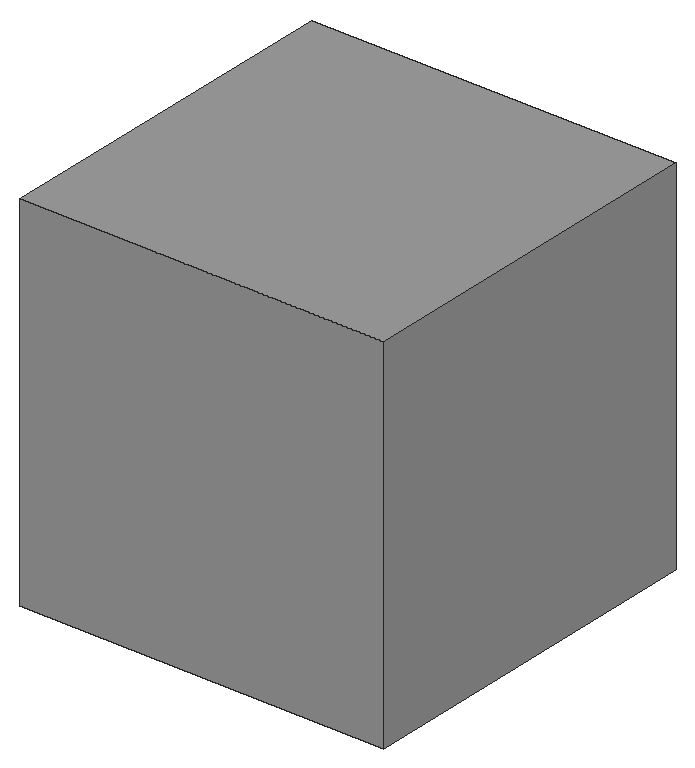
Revit family "Pull Box", category Electrical Fixtures, Revit 2022
Family settings
  Round Connector Dimension = Use Diameter
  Part Type = Normal
  OmniClass Number = 23.80.00.00
  OmniClass Title = Electric Power and Lighting
  Work Plane-Based = No
  Always vertical = Yes
  Cut with Voids When Loaded = No
  Maintain Annotation Orientation = No
  Shared = No
  Room Calculation Point = No
Parameters
  Width [instance] = 200 mm * ScaleFactor  # 200 mm
  SubSquare [instance] = 200 mm
  ScaleFactor [instance] = 1
  Material Code [instance] = ""
  LargeSquare [instance] = 200 mm
  IsAutoCalculatePullBoxSize [instance] = ""
  Height [instance] = 200 mm * ScaleFactor  # 200 mm
  Depth [instance] = 200 mm * ScaleFactor  # 200 mm
  Default Elevation = 0 mm
Reference planes
  plane 1 "Center (Front/Back)": y = 0
  plane 2: z = 0
  plane 3 "Center (Left/Right)": x = 0
  plane 4: x = -100
  plane 5: x = 100
  plane 6: y = 100
  plane 7: y = -100
  plane 8 "Top Cross": z = 100
  plane 9: z = -100
Forms (mm)
  Extrusion 1, solid, material "Default"
    sketch origin (0, 0, 0) x (1, 0, 0) y (0, 1, 0)
      loop
        line (-100, 100) -> (-100, -100) -> (100, -100) -> (100, 100) -> (-100, 100)
    from -100 to 100
Lines and regions (mm)
  model lines, style "Pull Box Line"
    curve 1: line (-100, 100, 100) -> (100, -100, 100)
    curve 2: line (100, 100, 100) -> (-100, -100, 100)
Dimensions and locks
  "Height": Extrusion 1 to Extrusion 1
  equal spacing: Extrusion 1, level, Extrusion 1
  equal spacing: plane 4, plane 3 "Center (Left/Right)", plane 5
  "Width": plane 4 to plane 5
  equal spacing: plane 7, plane 1 "Center (Front/Back)", plane 6
  "Depth": plane 7 to plane 6
  equal spacing: plane 9, level, plane 8 "Top Cross"
  "Height": plane 9 to plane 8 "Top Cross"
  aligned and locked: level to plane 2
  aligned and locked: plane 6 to Extrusion 1 sketch curve
  aligned and locked: Extrusion 1 sketch curve to plane 7
  aligned and locked: Extrusion 1 sketch curve to plane 5
  aligned and locked: plane 4 to Extrusion 1 sketch curve
Automatic sketch dimensions
  curve 1 to plane 5 = 0 mm
  plane 7 to curve 1 = 0 mm
  curve 2 to plane 4 = 0 mm
  plane 7 to curve 2 = 0 mm
  curve 2 to plane 5 = 0 mm
  plane 6 to curve 2 = 0 mm
  curve 1 to plane 4 = 0 mm
  plane 6 to curve 1 = 0 mm
Connectors
  cabletrayconduit at (0, 0, 100), diameter 16
    settings: on Extrusion 1, index 1, connector width 300 mm, connector height 300 mm, connector angle 0.00°, system type 32, placement type 0, profile type 0, connector reference index -1, is primary connector yes, connector utility param no, connector description "Top"
  cabletrayconduit at (0, 100, 0), diameter 16
    settings: on Extrusion 1, index 2, connector width 300 mm, connector height 300 mm, connector angle 0.00°, system type 32, placement type 0, profile type 0, connector reference index -1, is primary connector no, connector utility param no, connector description "Back"
  cabletrayconduit at (0, -100, 0), diameter 16
    settings: on Extrusion 1, index 3, connector width 300 mm, connector height 300 mm, connector angle 0.00°, system type 32, placement type 0, profile type 0, connector reference index -1, is primary connector no, connector utility param no, connector description "Front"
  cabletrayconduit at (-100, 0, 0), diameter 16
    settings: on Extrusion 1, index 4, connector width 300 mm, connector height 300 mm, connector angle 0.00°, system type 32, placement type 0, profile type 0, connector reference index -1, is primary connector no, connector utility param no, connector description "Left"
  cabletrayconduit at (100, 0, 0), diameter 16
    settings: on Extrusion 1, index 5, connector width 300 mm, connector height 300 mm, connector angle 0.00°, system type 32, placement type 0, profile type 0, connector reference index -1, is primary connector no, connector utility param no, connector description "Right"
  cabletrayconduit at (0, 0, -100), diameter 16
    settings: on Extrusion 1, index 6, connector width 300 mm, connector height 300 mm, connector angle 0.00°, system type 32, placement type 0, profile type 0, connector reference index -1, is primary connector no, connector utility param no, connector description "Bottom"
